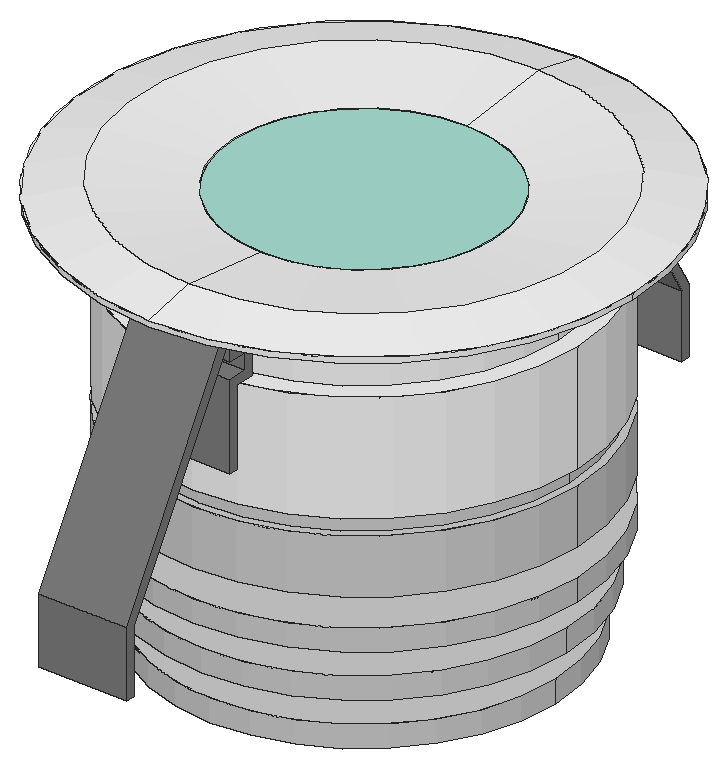
Revit family "Cameo 2.6", category Lighting Fixtures, host Face, Revit 2017
Family settings
  Host = Face
  Round Connector Dimension = Use Diameter
  Part Type = Normal
  Cut with Voids When Loaded = Yes
  Light Source = Yes
  Shared = No
  Room Calculation Point = Yes
Parameters (values of type "Cameo 2.6_J 65° (3000K 5W 24Vdc)")
  Wiring = "parallel"
  Width mm = 49.00 mm
  Weight kg = "0.15 kg"
  Wattage = 3.04291 W
  built-in parameter 1150110 = 1 (stored number, unit not read)
  Voltage = 24 V
  URL Accessories and power supply units = "https://www.lucelight.it/en/prodotto.php/118524#a-scheda-accessori"
  URL = "https://www.lucelight.it/en/prodotto.php/118524"
  built-in parameter 1114217 = 1 (stored number, unit not read)
  Tiltable = "-"
  Vertical Rotation [instance] = 0.00°
  URL Technical sheet = "https://www.lucelight.it/media/prodotti/st/ST_CAMEO_26.pdf"
  URL Image = "https://www.lucelight.it/media/prodotti/foto/cameo_2.6_still.jpg"
  URL IES Photometric file = "https://www.lucelight.it/media/prodotti/fotometrie/cameo_2.6_ies.zip"
  URL General code = "https://www.lucelight.it/en/prodotto.php/118524#a-generacodice"
  URL Description = "https://www.lucelight.it/en/capitolato.php/118524"
  URL DXF = "https://www.lucelight.it/media/prodotti/dxf/cameo_2.6.dxf"
  URL Catalogue = "-"
  Trim = L&L_Anodized aluminium
  Tilt Angle = 90.00°
  built-in parameter 1150109 = 1 (stored number, unit not read)
  built-in parameter 1150134 = (empty or 0)
  built-in parameter 1150113 = 1 (stored number, unit not read)
  Springs = L&L_C 67 annealed steel
  Radius Void = 19.50 mm
  Power supply unit = "not included"
  Power supply = "24Vdc"
  Power cables = "includes 1.5 m PVC cable FROR 2x0.35/0.35 Ø3.5 m"
  Power = "5W"
  Photometric Web File = "CAMEO 2.6 J 65° [3000K 5W 24Vdc].IES"
  Optics = "65°"
  Notes = "-"
  No. and type of led = "1 power LED High Intensity, 3-step MacAdam, 50 000h L95 B10 (Ta 25°C)"
  Mounting = "recessed (ceilings, and false ceilings and niches in plasterboard)"
  Model = "Cameo 2.6"
  Material = "body and trim in aluminium"
  Manufacturer = "L&L Luce&Light"
  built-in parameter 1150105 = 35.969 (stored number, unit not read)
  Lumens = 452 lm
  built-in parameter 1150115 = 1 (stored number, unit not read)
  Lumen output at source = "452 lm (3000K)"
  built-in parameter 1150137 = (empty or 0)
  built-in parameter 1150139 = (empty or 0)
  Lens = L&L_Tempered extra-clear glass
  Length mm = 49.00 mm
  built-in parameter 1150112 = 1 (stored number, unit not read)
  built-in parameter 1150114 = 1 (stored number, unit not read)
  LED Colour = "3000K (also available: 2700K and 4000K - ref. URL Technical sheet)"
  built-in parameter 1150132 = 2
  built-in parameter 1150102 = (empty or 0)
  built-in parameter 1150107 = 3000 (stored number, unit not read)
  built-in parameter 1150138 = (empty or 0)
  built-in parameter 1150106 = 0.35969 (stored number, unit not read)
  IP = "40"
  Height mm = 43.00 mm
  Height Void = 45.00 mm
  Geometry = Cameo2.6_mod : Cameo2.6_mod
  Features = "-"
  Energy efficiency class = "A A+ A++"
  Emit from Line Length = 609.60 mm
  built-in parameter 1150104 = 13.8 (stored number, unit not read)
  Dimming Lamp Color Temperature Shift = <None>
  Description = "Recessed for indoor applications"
  Delivered lumen output = "303 lm (3000K, 32°)"
  Default Elevation = 1219.20 mm
  Cutout dimensions = "diam. 45 mm"
  Control system = "-"
  Contact = "T: +39 0444 360571; E: lucelight@lucelight.it"
  Company = "L&L Luce&Light"
  Color Filter = 16777215
  Code = "CM2600100050SN Black; CM2600100050SE White"
  CRI = "90"
  Body = L&L_White anodized aluminium
  built-in parameter 1114218 = 1 (stored number, unit not read)
  built-in parameter 1150133 = 10 (stored number, unit not read)
  Apparent Load Phase 1 = 5 W
  Apparent Load = 0 VA
Types (6, lengths in mm): name | Photometric Web File | Optics
  Cameo 2.6_J 65° (3000K 5W 24Vdc) | "CAMEO 2.6 J 65° [3000K 5W 24Vdc].IES" | "65°"
  Cameo 2.6_L 32° (3000K 5W 24Vdc) | "CAMEO 2.6 L 32° [3000K 5W 24Vdc].IES" | "32°"
  Cameo 2.6_M 17° (3000K 5W 24Vdc) | "CAMEO 2.6 M 17° [3000K 5W 24Vdc].IES" | "17°"
  Cameo 2.6_P 19° (3000K 5W 24Vdc) | "CAMEO 2.6 P (19°) [3000K 5W 24Vdc].IES" | "sharp 19°"
  Cameo 2.6_S 11° (3000K 5W 24Vdc) | "CAMEO 2.6 S 11° [3000K 5W 24Vdc].IES" | "11°"
  Cameo 2.6_W 13°x43° (3000K 5W 24Vdc) | "CAMEO 2.6 W 13°x43° [3000K 5W 24Vdc].IES" | "13°x43°"
Reference planes
  plane 1 "Center (Front/Back)": y = 0
  plane 2: z = 0
  plane 3 "Center (Left/Right)": x = 0
  plane 4: z = -45
Forms (mm)
  Extrusion 1, void
    sketch origin (0, 0, 0) x (1, 0, 0) y (0, 1, 0)
      loop
        circle (0, 0) r 19.5
    from -45 to 0
Dimensions and locks
  "Height Void": plane 4 to plane 2
  "Radius Void": radius of Extrusion 1 sketch curve
  aligned and locked: plane 2 to host face
  aligned and locked: level to host face
  aligned and locked: Extrusion 1 to plane 4
  aligned and locked: plane 2 to Extrusion 1
Automatic sketch dimensions
  host sketch curve to host sketch curve = 2438.40 mm  (x2)
  plane 1 "Center (Front/Back)" to Extrusion 1 sketch curve = 0.00 mm
  Extrusion 1 sketch curve to plane 3 "Center (Left/Right)" = 0.00 mm
Nested families
  nested 1: "Cameo2.6_mod" at (0, 0, 0), type <- "Geometry", type "Cameo2.6_mod"
Connectors
  electrical at (0, 0, 0), driven by "Apparent Load Phase 1", driven by "Voltage"
    settings: index 1, voltage 24 V, apparent load 0 VA, apparent load phase1 5 VA, apparent load phase2 0 VA, apparent load phase3 0 VA, power factor 1, load classification "Lighting", number of poles 1, system type 31, power factor state 1, is connector primary yes, connector utility no, sub classification motor no, connector description ""
Definition of nested family "Cameo2.6_mod"
  Parameters (values of type "Cameo2.6_mod")
    Trim = none
    Springs = none
    Lens = none
    Default Elevation = 1219.20 mm
    Body = none
  Reference planes
    plane 1 "Light Source Axis (F/B)": y = 0
    plane 2: z = 0
    plane 3 "Light Source Axis (L/R)": x = 0
    plane 4 "Light Source Elevation": z = 1.5
    plane 5: x = 15
    plane 6: x = -15
    plane 7: y = -7.5
    plane 8: y = 7.5
    plane 9: z = -41.2
    plane 10: y = -20
    plane 11: y = -11.75
  Forms (mm)
    Extrusion 1, solid, material <- "Body", detail levels coarse
      sketch origin (0, 0, -30.8) x (1, 0, 0) y (0, 1, 0)
        loop
          circle (0, 0) r 24.5
      from -10.4 to 32.3
    Extrusion 2, solid, material <- "Trim", detail levels medium
      sketch origin (0, 0, -30.8) x (1, 0, 0) y (0, 1, 0)
        loop
          circle (0, 0) r 19.5
      from -10.4 to 30.8
    Extrusion 3, solid, material <- "Body", detail levels medium
      sketch origin (0, 0, -30.8) x (1, 0, 0) y (0, 1, 0)
        loop
          circle (0, 0) r 24.5
        loop
          circle (0, 0) r 11.75
      from 30.8 to 32.3
    Extrusion 4, solid, material <- "Lens", detail levels medium
      sketch origin (0, 0, -30.8) x (1, 0, 0) y (0, 1, 0)
        loop
          circle (0, 0) r 11.75
      from 30.8 to 32.3
    Extrusion 5, solid, material <- "Body", detail levels fine
      sketch origin (0, 0, -30.8) x (1, 0, 0) y (0, 1, 0)
        loop
          circle (0, 0) r 19.5
      from 28.2 to 30.8
    Extrusion 6, solid, material <- "Body", detail levels fine
      sketch origin (0, 0, -30.8) x (1, 0, 0) y (0, 1, 0)
        loop
          circle (0, 0) r 17.8
      from 25.2 to 28.2
    Extrusion 7, solid, material <- "Body", detail levels fine
      sketch origin (0, 0, -36.35) x (1, 0, 0) y (0, 1, 0)
        loop
          circle (0, 0) r 19.5
      from 20.85 to 30.75
    Extrusion 8, solid, material <- "Trim", detail levels fine
      sketch origin (0, 1.069, -41.75) x (1, 0, 0) y (0, 1, 0)
        loop
          circle (0, -1.069) r 18.75
      from 24.85 to 26.25
    Extrusion 9, solid, material <- "Trim", detail levels fine
      sketch origin (0, 0, -38.85) x (1, 0, 0) y (0, 1, 0)
        loop
          circle (0, 0) r 19.5
      from 12.45 to 14.45
    Extrusion 10, solid, material <- "Trim", detail levels fine
      sketch origin (0, 0, -40.85) x (1, 0, 0) y (0, 1, 0)
        loop
          circle (0, 0) r 10
      from 11.95 to 14.45
    Extrusion 11, solid, material <- "Trim", detail levels fine
      sketch origin (0, 0, -43.35) x (1, 0, 0) y (0, 1, 0)
        loop
          circle (0, 0) r 18.5
      from 12.45 to 14.45
    Extrusion 12, solid, material <- "Trim", detail levels fine
      sketch origin (0, 0, -45.35) x (1, 0, 0) y (0, 1, 0)
        loop
          circle (0, 0) r 8
      from 11.95 to 14.45
    Extrusion 13, solid, material <- "Trim", detail levels fine
      sketch origin (0, 0, -47.85) x (1, 0, 0) y (0, 1, 0)
        loop
          circle (0, 0) r 17.5
      from 12.45 to 14.45
    Extrusion 14, solid, material <- "Body", detail levels fine
      sketch origin (0, 0, -30.8) x (1, 0, 0) y (0, 1, 0)
        loop
          circle (0, 0) r 24.5
        loop
          circle (0, 0) r 11.75
      from 30.8 to 31.3
    Revolve 15, solid, material <- "Body", detail levels fine
      sketch origin (0, 0, -30.8) x (0, 1, 0) y (0, 0, 1)
        loop
          line (-24.5, 31.3) -> (-11.75, 31.3) -> (-19.945, 32.3) -> (-24.5, 31.3)
        axis (0, 32.3) -> (0, 31.3)
      angle from 0 to 360
    Extrusion 16, solid, material <- "Lens", detail levels fine
      sketch origin (0, 0, -30.8) x (1, 0, 0) y (0, 1, 0)
        loop
          circle (0, 0) r 11.75
      from 30.8 to 31.3
    Extrusion 17, solid, material <- "Trim", detail levels fine
      sketch origin (0, 1.069, -43.15) x (1, 0, 0) y (0, 1, 0)
        loop
          circle (0, -1.069) r 19.5
      from 21.25 to 26.25
    Extrusion 18, solid, material <- "Trim", detail levels fine
      sketch origin (0, 0, -36.35) x (1, 0, 0) y (0, 1, 0)
        loop
          circle (0, 0) r 11
      from 11.95 to 14.45
  Dimensions and locks
    plane 4 "Light Source Elevation" to level = 1.50 mm  (x2)
    plane 9 to plane 4 "Light Source Elevation" = 42.70 mm
    aligned and locked: level to plane 2
  Nested families
    nested 1: "Springs" at (-5.4, 19.5, -12.45) x (-1, 0, 0) z (0, 0, -1), type "Springs", detail levels fine
    nested 2: "Springs" at (-5.4, -19.5, -12.45) x (-1, 0, 0) z (0, 0, -1), type "Springs", detail levels fine
  Definition of nested family "Springs"
    Parameters (values of type "Springs")
      Springs = none
      Default Elevation = 1219.20 mm
    Reference planes
      plane 1 "Light Source Axis (F/B)": y = 0
      plane 2: z = 0
      plane 3 "Light Source Axis (L/R)": x = 0
      plane 4 "Light Source Elevation": z = 1500
    Forms (mm)
      Extrusion 1, solid, material <- "Springs"
        sketch origin (-1.4, -105.269, -78.274) x (0, 1, 0) y (0, 0, -1)
          loop
            line (103.963, -66.336) -> (92.769, -85.724) -> (92.769, -91.724) -> (93.569, -91.724) -> (93.569, -85.939) -> (104.469, -67.059) -> (104.469, -69.174) -> (106.169, -69.174) -> (106.169, -70.574) -> (104.469, -70.574) -> (104.469, -78.274) -> (105.269, -78.274) -> (105.269, -71.374) -> (106.969, -71.374) -> (106.969, -68.374) -> (105.269, -68.374) -> (105.269, -66.686)
            arc (105.269, -66.686) -> (104.75, -66.01) -> (103.963, -66.336) r 0.7
        from 0 to 8
    Dimensions and locks
      aligned and locked: level to plane 2
